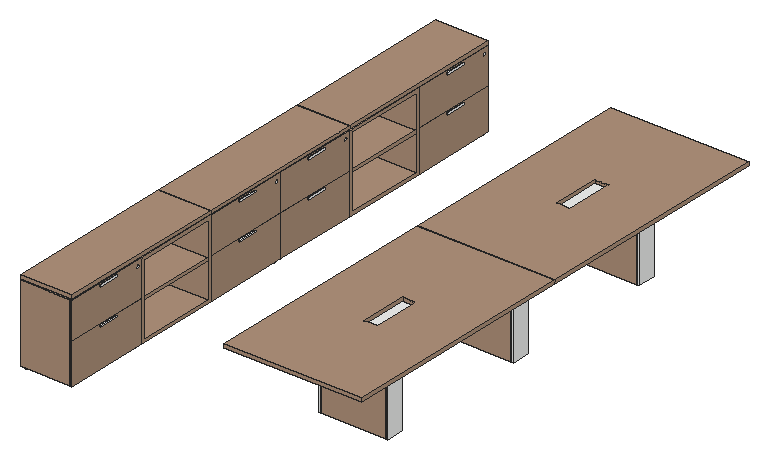
Revit family "Expansion_Casegoods-Meeting_04-Teknion-R2019", category Furniture Systems, Revit 2019 (continued)
Definition of nested family "Tables-Meeting-Teknion-BC_CHP_Height_Adjustable_Conference_Table_Panel_Bases-R2019"
  Forms (in)
    Sweep 13, solid, material <- "Support Finish"
      path origin (0, 0, 0) x (1, 0, 0) y (0, 0, 1)
        loop
          line (0, 0.60236) -> (0, 0.79134)
      profile origin (0, 0, 0.69685) x (-1, 0, 0) y (0, -1, 0)
        loop
          line (52.2611, 7.68858) -> (56.67449, 7.68858) -> (56.67449, 11.13386) -> (52.2611, 11.13386) -> (52.2611, 7.68858)
        loop
          line (56.67449, -7.68858) -> (52.2611, -7.68858) -> (52.2611, -11.13386) -> (56.67449, -11.13386) -> (56.67449, -7.68858)
        loop
          line (-52.2611, -7.68858) -> (-56.67449, -7.68858) -> (-56.67449, -11.13386) -> (-52.2611, -11.13386) -> (-52.2611, -7.68858)
        loop
          line (-56.67449, 7.68858) -> (-52.2611, 7.68858) -> (-52.2611, 11.13386) -> (-56.67449, 11.13386) -> (-56.67449, 7.68858)
    Sweep 14, solid, material <- "Support Finish", visible <- "Three Sections"
      path origin (0, 0, 0) x (1, 0, 0) y (0, 0, 1)
        loop
          line (0, 0.60236) -> (0, 0.79134)
      profile origin (0, 0, 0.69685) x (-1, 0, 0) y (0, -1, 0)
        loop
          line (2.20669, -7.68858) -> (-2.20669, -7.68858) -> (-2.20669, -11.13386) -> (2.20669, -11.13386) -> (2.20669, -7.68858)
        loop
          line (-2.20669, 7.68858) -> (2.20669, 7.68858) -> (2.20669, 11.13386) -> (-2.20669, 11.13386) -> (-2.20669, 7.68858)
    Sweep 15, solid
      path origin (0, 0, 0) x (1, 0, 0) y (0, 0, 1)
        loop
          line (0, 0) -> (0, 0.60236)
      profile origin (0, 0, 0.30118) x (-1, 0, 0) y (0, -1, 0)
        loop
          circle (54.468, 9.62166) r 0.5
        loop
          circle (54.468, -9.62166) r 0.5
        loop
          circle (-54.468, 9.62166) r 0.5
        loop
          circle (-54.468, -9.62166) r 0.5
    Sweep 16, solid, material <- "Support Finish", visible <- "Two Sections"
      path origin (0, 0, 0) x (1, 0, 0) y (0, 1, 0)
        loop
          line (-50.35559, 0) -> (50.35559, 0)
      profile origin (0, 0, 0) x (0, 1, 0) y (0, 0, 1)
        loop
          line (4.23228, 27.811) -> (-4.23228, 27.811) -> (-4.23228, 24.18898) -> (4.23228, 24.18898) -> (4.23228, 27.811)
    Sweep 17, solid, material <- "Support Finish", visible <- "Three Sections"
      path origin (0, 0, 0) x (1, 0, 0) y (0, 1, 0)
        loop
          line (0, -4.23228) -> (0, 4.23228)
      profile origin (0, 0, 0) x (-1, 0, 0) y (0, 0, 1)
        loop
          line (50.35559, 24.18898) -> (50.35559, 27.811) -> (4.1122, 27.811) -> (4.1122, 24.18898) -> (50.35559, 24.18898)
        loop
          line (-50.35559, 24.18898) -> (-4.1122, 24.18898) -> (-4.1122, 27.811) -> (-50.35559, 27.811) -> (-50.35559, 24.18898)
    Sweep 18, void
      path origin (0, 0, 0) x (1, 0, 0) y (0, 0, 1)
        loop
          line (0, 26) -> (0, 26.5)
      profile origin (0, 0, 26.25) x (-1, 0, 0) y (0, -1, 0)
        loop
          line (83.58, -20.895) -> (83.58, -18.02)
          arc (83.58, -18.02) -> (82.73793, -20.05293) -> (80.705, -20.895) r 2.875
          line (80.705, -20.895) -> (83.58, -20.895)
        loop
          line (83.58, 20.895) -> (80.705, 20.895)
          arc (80.705, 20.895) -> (82.73793, 20.05293) -> (83.58, 18.02) r 2.875
          line (83.58, 18.02) -> (83.58, 20.895)
        loop
          line (-83.58, -20.895) -> (-80.705, -20.895)
          arc (-80.705, -20.895) -> (-82.73793, -20.05293) -> (-83.58, -18.02) r 2.875
          line (-83.58, -18.02) -> (-83.58, -20.895)
        loop
          line (-83.58, 20.895) -> (-83.58, 18.02)
          arc (-83.58, 18.02) -> (-82.73793, 20.05293) -> (-80.705, 20.895) r 2.875
          line (-80.705, 20.895) -> (-83.58, 20.895)
    Sweep 19, void
      path origin (0, 0, 0) x (1, 0, 0) y (0, 0, 1)
        loop
          line (0, 26) -> (0, 26.5)
      profile origin (0, 0, 26.25) x (-1, 0, 0) y (0, -1, 0)
        loop
          line (33.24142, -2.32283) -> (50.01307, -2.32283) -> (50.01307, 2.32283) -> (33.24142, 2.32283) -> (33.24142, -2.32283)
        loop
          line (-33.24142, 2.32283) -> (-50.01307, 2.32283) -> (-50.01307, -2.32283) -> (-33.24142, -2.32283) -> (-33.24142, 2.32283)
    Sweep 20, void
      path origin (0, 0, 0) x (1, 0, 0) y (0, 0, 1)
        loop
          line (0, 26) -> (0, 26.5)
      profile origin (0, 0, 26.25) x (-1, 0, 0) y (0, -1, 0)
        loop
          line (13.4252, -2.32283) -> (13.4252, 2.32283) -> (-13.4252, 2.32283) -> (-13.4252, -2.32283) -> (13.4252, -2.32283)
    Sweep 21, void
      path origin (0, 0, 0) x (1, 0, 0) y (0, 0, 1)
        loop
          line (0, 26.5) -> (0, 26)
      profile origin (0, 0, 26.25) x (0, -1, 0) y (1, 0, 0)
        loop
          arc (-1.65354, -47.21583) -> (0, -48.86937) -> (1.65354, -47.21583) r 1.65354
          line (1.65354, -47.21583) -> (1.65354, -42.72764)
          arc (1.65354, -42.72764) -> (0, -41.0741) -> (-1.65354, -42.72764) r 1.65354
          line (-1.65354, -42.72764) -> (-1.65354, -47.21583)
        loop
          arc (-1.65354, 42.72764) -> (0, 41.0741) -> (1.65354, 42.72764) r 1.65354
          line (1.65354, 42.72764) -> (1.65354, 47.21583)
          arc (1.65354, 47.21583) -> (0, 48.86937) -> (-1.65354, 47.21583) r 1.65354
          line (-1.65354, 47.21583) -> (-1.65354, 42.72764)
    Sweep 22, solid, visible <- "Three Sections"
      path origin (0, 0, 0) x (1, 0, 0) y (0, 0, 1)
        loop
          line (0, 0) -> (0, 0.60236)
      profile origin (0, 0, 0.30118) x (-1, 0, 0) y (0, -1, 0)
        loop
          circle (0, 9.62166) r 0.5
        loop
          circle (0, -9.62166) r 0.5
  Cuts and joins
    Sweep 18, Sweep 19, Sweep 20, Sweep 21 cuts Sweep 2
    Sweep 18, Sweep 19, Sweep 20, Sweep 21 cuts Sweep 3
  Lines and regions (in)
    Masking region 1, visible <- "Straight Corner"
      outline origin (0, 0, 0) x (1, 0, 0) y (0, 1, 0)
        loop
          line (-83.58, 20.895) -> (-83.58, -20.895) -> (0, -20.895) -> (0, 20.895) -> (-83.58, 20.895)
    Masking region 2, visible <- "Straight Corner"
      outline origin (0, 0, 0) x (1, 0, 0) y (0, 1, 0)
        loop
          line (0, 20.895) -> (0, -20.895) -> (83.58, -20.895) -> (83.58, 20.895) -> (0, 20.895)
    Masking region 3, visible <- "Radius Corner"
      outline origin (0, 0, 0) x (1, 0, 0) y (0, 1, 0)
        loop
          line (0, 20.895) -> (-80.705, 20.895)
          arc (-80.705, 20.895) -> (-82.73793, 20.05293) -> (-83.58, 18.02) r 2.875
          line (-83.58, 18.02) -> (-83.58, -18.02)
          arc (-83.58, -18.02) -> (-82.73793, -20.05293) -> (-80.705, -20.895) r 2.875
          line (-80.705, -20.895) -> (0, -20.895) -> (0, 20.895)
    Masking region 4, visible <- "Radius Corner"
      outline origin (0, 0, 0) x (1, 0, 0) y (0, 1, 0)
        loop
          line (0, -20.895) -> (80.705, -20.895)
          arc (80.705, -20.895) -> (82.73793, -20.05293) -> (83.58, -18.02) r 2.875
          line (83.58, -18.02) -> (83.58, 18.02)
          arc (83.58, 18.02) -> (82.73793, 20.05293) -> (80.705, 20.895) r 2.875
          line (80.705, 20.895) -> (0, 20.895) -> (0, -20.895)
    reference lines
      curve 1: line (405.64152, -39.94355, 0) -> (405.64152, -47.44355, 0)
      curve 2: line (410.06039, -83.48743, 0) -> (410.06039, -91.98743, 0)
      curve 3: line (414.03039, -127.73298, 0) -> (414.03039, -137.48298, 0)
      curve 4: line (415.68435, -171.34645, 0) -> (415.68435, -180.34645, 0)
      curve 5: line (425.55059, -215.59199, 0) -> (425.55059, -224.59199, 0)
      curve 6: line (426.76468, -260.6404, 0) -> (426.76468, -267.1404, 0)
      curve 195: line (83.58, 20.895, 0) -> (83.58, -20.895, 0)
      curve 196: line (-83.58, 20.895, 0) -> (-83.58, -20.895, 0)
    symbolic lines, detail levels medium+fine
      curve 7: line (-71.58, 17.4095, 0) -> (-71.58, 12.92126, 0)
      curve 8: line (-71.58, 12.92126, 0) -> (71.58, 12.92126, 0)
      curve 9: line (71.58, 12.92126, 0) -> (71.58, 17.4095, 0)
      curve 10: line (71.58, 17.4095, 0) -> (-71.58, 17.4095, 0)
      curve 11: line (-71.58, -17.4095, 0) -> (71.58, -17.4095, 0)
      curve 12: line (71.58, -17.4095, 0) -> (71.58, -12.92126, 0)
      curve 13: line (71.58, -12.92126, 0) -> (-71.58, -12.92126, 0)
      curve 14: line (-71.58, -12.92126, 0) -> (-71.58, -17.4095, 0)
      curve 15: line (-50.72764, -13.3937, 0) -> (-50.72764, 13.3937, 0)
      curve 16: line (-50.72764, 13.3937, 0) -> (-58.20795, 13.3937, 0)
      curve 17: line (-58.20795, 13.3937, 0) -> (-58.20795, -13.3937, 0)
      curve 18: line (-58.20795, -13.3937, 0) -> (-50.72764, -13.3937, 0)
      curve 19: line (50.72764, 13.3937, 0) -> (50.72764, -13.3937, 0)
      curve 20: line (50.72764, -13.3937, 0) -> (58.20795, -13.3937, 0)
      curve 21: line (58.20795, -13.3937, 0) -> (58.20795, 13.3937, 0)
      curve 22: line (58.20795, 13.3937, 0) -> (50.72764, 13.3937, 0)
      curve 35: line (-57.58, 11.13386, 0) -> (-57.58, -11.13386, 0)
      curve 36: line (-57.58, -11.13386, 0) -> (-56.87921, -11.13386, 0)
      curve 37: line (-56.87921, -11.13386, 0) -> (-56.87921, 11.13386, 0)
      curve 38: line (-56.87921, 11.13386, 0) -> (-57.58, 11.13386, 0)
      curve 39: line (-51.35559, -11.13386, 0) -> (-51.35559, 11.13386, 0)
      curve 40: line (-51.35559, 11.13386, 0) -> (-52.05638, 11.13386, 0)
      curve 41: line (-52.05638, 11.13386, 0) -> (-52.05638, -11.13386, 0)
      curve 42: line (-52.05638, -11.13386, 0) -> (-51.35559, -11.13386, 0)
      curve 43: line (51.35559, 11.13386, 0) -> (51.35559, -11.13386, 0)
      curve 44: line (51.35559, -11.13386, 0) -> (52.05638, -11.13386, 0)
      curve 45: line (52.05638, -11.13386, 0) -> (52.05638, 11.13386, 0)
      curve 46: line (52.05638, 11.13386, 0) -> (51.35559, 11.13386, 0)
      curve 47: line (57.58, -11.13386, 0) -> (57.58, 11.13386, 0)
      curve 48: line (57.58, 11.13386, 0) -> (56.87921, 11.13386, 0)
      curve 49: line (56.87921, 11.13386, 0) -> (56.87921, -11.13386, 0)
      curve 50: line (56.87921, -11.13386, 0) -> (57.58, -11.13386, 0)
      curve 51: line (-51.35559, 12, 0) -> (-57.58, 12, 0)
      curve 52: line (-57.58, 12, 0) -> (-57.58, 11.17323, 0)
      curve 53: line (-57.58, 11.17323, 0) -> (-56.87921, 11.17323, 0)
      curve 54: line (-56.87921, 11.17323, 0) -> (-56.87921, 11.13386, 0)
      curve 55: line (-56.87921, 11.13386, 0) -> (-52.05638, 11.13386, 0)
      curve 56: line (-52.05638, 11.13386, 0) -> (-52.05638, 11.17323, 0)
      curve 57: line (-52.05638, 11.17323, 0) -> (-51.35559, 11.17323, 0)
      curve 58: line (-51.35559, 11.17323, 0) -> (-51.35559, 12, 0)
      curve 59: line (-57.58, -12, 0) -> (-51.35559, -12, 0)
      curve 60: line (-51.35559, -12, 0) -> (-51.35559, -11.17323, 0)
      curve 61: line (-51.35559, -11.17323, 0) -> (-52.05638, -11.17323, 0)
      curve 62: line (-52.05638, -11.17323, 0) -> (-52.05638, -11.13386, 0)
      curve 63: line (-52.05638, -11.13386, 0) -> (-56.87921, -11.13386, 0)
      curve 64: line (-56.87921, -11.13386, 0) -> (-56.87921, -11.17323, 0)
      curve 65: line (-56.87921, -11.17323, 0) -> (-57.58, -11.17323, 0)
      curve 66: line (-57.58, -11.17323, 0) -> (-57.58, -12, 0)
      curve 67: line (57.58, 12, 0) -> (51.35559, 12, 0)
      curve 68: line (51.35559, 12, 0) -> (51.35559, 11.17323, 0)
      curve 69: line (51.35559, 11.17323, 0) -> (52.05638, 11.17323, 0)
      curve 70: line (52.05638, 11.17323, 0) -> (52.05638, 11.13386, 0)
      curve 71: line (52.05638, 11.13386, 0) -> (56.87921, 11.13386, 0)
      curve 72: line (56.87921, 11.13386, 0) -> (56.87921, 11.17323, 0)
      curve 73: line (56.87921, 11.17323, 0) -> (57.58, 11.17323, 0)
      curve 74: line (57.58, 11.17323, 0) -> (57.58, 12, 0)
      curve 75: line (51.35559, -12, 0) -> (57.58, -12, 0)
      curve 76: line (57.58, -12, 0) -> (57.58, -11.17323, 0)
      curve 77: line (57.58, -11.17323, 0) -> (56.87921, -11.17323, 0)
      curve 78: line (56.87921, -11.17323, 0) -> (56.87921, -11.13386, 0)
      curve 79: line (56.87921, -11.13386, 0) -> (52.05638, -11.13386, 0)
      curve 80: line (52.05638, -11.13386, 0) -> (52.05638, -11.17323, 0)
      curve 81: line (52.05638, -11.17323, 0) -> (51.35559, -11.17323, 0)
      curve 82: line (51.35559, -11.17323, 0) -> (51.35559, -12, 0)
      curve 83: line (-56.67449, 7.68858, 0) -> (-52.2611, 7.68858, 0)
      curve 84: line (-52.2611, 7.68858, 0) -> (-52.2611, 11.13386, 0)
      curve 85: line (-52.2611, 11.13386, 0) -> (-56.67449, 11.13386, 0)
      curve 86: line (-56.67449, 11.13386, 0) -> (-56.67449, 7.68858, 0)
      curve 87: line (-52.2611, -7.68858, 0) -> (-56.67449, -7.68858, 0)
      curve 88: line (-56.67449, -7.68858, 0) -> (-56.67449, -11.13386, 0)
      curve 89: line (-56.67449, -11.13386, 0) -> (-52.2611, -11.13386, 0)
      curve 90: line (-52.2611, -11.13386, 0) -> (-52.2611, -7.68858, 0)
      curve 91: line (52.2611, 7.68858, 0) -> (56.67449, 7.68858, 0)
      curve 92: line (56.67449, 7.68858, 0) -> (56.67449, 11.13386, 0)
      curve 93: line (56.67449, 11.13386, 0) -> (52.2611, 11.13386, 0)
      curve 94: line (52.2611, 11.13386, 0) -> (52.2611, 7.68858, 0)
      curve 95: line (56.67449, -7.68858, 0) -> (52.2611, -7.68858, 0)
      curve 96: line (52.2611, -7.68858, 0) -> (52.2611, -11.13386, 0)
      curve 97: line (52.2611, -11.13386, 0) -> (56.67449, -11.13386, 0)
      curve 98: line (56.67449, -11.13386, 0) -> (56.67449, -7.68858, 0)
    symbolic lines, visible <- "Two Sections", detail levels medium+fine
      curve 23: line (50.35559, 4.23228, 0) -> (-50.35559, 4.23228, 0)
      curve 24: line (-50.35559, 4.23228, 0) -> (-50.35559, -4.23228, 0)
      curve 25: line (-50.35559, -4.23228, 0) -> (50.35559, -4.23228, 0)
      curve 26: line (50.35559, -4.23228, 0) -> (50.35559, 4.23228, 0)
    symbolic lines, visible <- "Three Sections", detail levels medium+fine
      curve 27: line (-4.1122, -4.23228, 0) -> (-4.1122, 4.23228, 0)
      curve 28: line (-4.1122, 4.23228, 0) -> (-50.35559, 4.23228, 0)
      curve 29: line (-50.35559, 4.23228, 0) -> (-50.35559, -4.23228, 0)
      curve 30: line (-50.35559, -4.23228, 0) -> (-4.1122, -4.23228, 0)
      curve 31: line (4.1122, 4.23228, 0) -> (4.1122, -4.23228, 0)
      curve 32: line (4.1122, -4.23228, 0) -> (50.35559, -4.23228, 0)
      curve 33: line (50.35559, -4.23228, 0) -> (50.35559, 4.23228, 0)
      curve 34: line (50.35559, 4.23228, 0) -> (4.1122, 4.23228, 0)
      curve 123: line (-3.74016, 13.3937, 0) -> (-3.74016, -13.3937, 0)
      curve 124: line (-3.74016, -13.3937, 0) -> (3.74016, -13.3937, 0)
      curve 125: line (3.74016, -13.3937, 0) -> (3.74016, 13.3937, 0)
      curve 126: line (3.74016, 13.3937, 0) -> (-3.74016, 13.3937, 0)
      curve 127: line (-3.1122, 11.13386, 0) -> (-3.1122, -11.13386, 0)
      curve 128: line (-3.1122, -11.13386, 0) -> (-2.41142, -11.13386, 0)
      curve 129: line (-2.41142, -11.13386, 0) -> (-2.41142, 11.13386, 0)
      curve 130: line (-2.41142, 11.13386, 0) -> (-3.1122, 11.13386, 0)
      curve 131: line (3.1122, -11.13386, 0) -> (3.1122, 11.13386, 0)
      curve 132: line (3.1122, 11.13386, 0) -> (2.41142, 11.13386, 0)
      curve 133: line (2.41142, 11.13386, 0) -> (2.41142, -11.13386, 0)
      curve 134: line (2.41142, -11.13386, 0) -> (3.1122, -11.13386, 0)
      curve 135: line (3.1122, 12, 0) -> (-3.1122, 12, 0)
      curve 136: line (-3.1122, 12, 0) -> (-3.1122, 11.17323, 0)
      curve 137: line (-3.1122, 11.17323, 0) -> (-2.41142, 11.17323, 0)
      curve 138: line (-2.41142, 11.17323, 0) -> (-2.41142, 11.13386, 0)
      curve 139: line (-2.41142, 11.13386, 0) -> (2.41142, 11.13386, 0)
      curve 140: line (2.41142, 11.13386, 0) -> (2.41142, 11.17323, 0)
      curve 141: line (2.41142, 11.17323, 0) -> (3.1122, 11.17323, 0)
      curve 142: line (3.1122, 11.17323, 0) -> (3.1122, 12, 0)
      curve 143: line (-3.1122, -12, 0) -> (3.1122, -12, 0)
      curve 144: line (3.1122, -12, 0) -> (3.1122, -11.17323, 0)
      curve 145: line (3.1122, -11.17323, 0) -> (2.41142, -11.17323, 0)
      curve 146: line (2.41142, -11.17323, 0) -> (2.41142, -11.13386, 0)
      curve 147: line (2.41142, -11.13386, 0) -> (-2.41142, -11.13386, 0)
      curve 148: line (-2.41142, -11.13386, 0) -> (-2.41142, -11.17323, 0)
      curve 149: line (-2.41142, -11.17323, 0) -> (-3.1122, -11.17323, 0)
      curve 150: line (-3.1122, -11.17323, 0) -> (-3.1122, -12, 0)
      curve 151: line (2.20669, -7.68858, 0) -> (-2.20669, -7.68858, 0)
      curve 152: line (-2.20669, -7.68858, 0) -> (-2.20669, -11.13386, 0)
      curve 153: line (-2.20669, -11.13386, 0) -> (2.20669, -11.13386, 0)
      curve 154: line (2.20669, -11.13386, 0) -> (2.20669, -7.68858, 0)
      curve 155: line (-2.20669, 7.68858, 0) -> (2.20669, 7.68858, 0)
      curve 156: line (2.20669, 7.68858, 0) -> (2.20669, 11.13386, 0)
      curve 157: line (2.20669, 11.13386, 0) -> (-2.20669, 11.13386, 0)
      curve 158: line (-2.20669, 11.13386, 0) -> (-2.20669, 7.68858, 0)
    symbolic lines, detail levels fine
      curve 99: arc (-54.968, 9.62166, 0) -> (-54.468, 9.12166, 0) -> (-53.968, 9.62166, 0) r 0.5
      curve 100: arc (-53.968, 9.62166, 0) -> (-54.468, 10.12166, 0) -> (-54.968, 9.62166, 0) r 0.5
      curve 101: arc (-53.968, -9.62166, 0) -> (-54.468, -9.12166, 0) -> (-54.968, -9.62166, 0) r 0.5
      curve 102: arc (-54.968, -9.62166, 0) -> (-54.468, -10.12166, 0) -> (-53.968, -9.62166, 0) r 0.5
      curve 103: arc (53.968, 9.62166, 0) -> (54.468, 9.12166, 0) -> (54.968, 9.62166, 0) r 0.5
      curve 104: arc (54.968, 9.62166, 0) -> (54.468, 10.12166, 0) -> (53.968, 9.62166, 0) r 0.5
      curve 105: arc (54.968, -9.62166, 0) -> (54.468, -9.12166, 0) -> (53.968, -9.62166, 0) r 0.5
      curve 106: arc (53.968, -9.62166, 0) -> (54.468, -10.12166, 0) -> (54.968, -9.62166, 0) r 0.5
      curve 107: line (-56.60953, 10.8937, 0) -> (-56.60953, -10.8937, 0)
      curve 108: line (-56.60953, -10.8937, 0) -> (-52.32606, -10.8937, 0)
      curve 109: line (-52.32606, -10.8937, 0) -> (-52.32606, 10.8937, 0)
      curve 110: line (-52.32606, 10.8937, 0) -> (-56.60953, 10.8937, 0)
      curve 111: line (52.32606, 10.8937, 0) -> (52.32606, -10.8937, 0)
      curve 112: line (52.32606, -10.8937, 0) -> (56.60953, -10.8937, 0)
      curve 113: line (56.60953, -10.8937, 0) -> (56.60953, 10.8937, 0)
      curve 114: line (56.60953, 10.8937, 0) -> (52.32606, 10.8937, 0)
      curve 115: line (52.49929, 2.68504, 0) -> (56.4363, 2.68504, 0)
      curve 116: line (56.4363, 2.68504, 0) -> (56.4363, -2.68504, 0)
      curve 117: line (56.4363, -2.68504, 0) -> (52.49929, -2.68504, 0)
      curve 118: line (52.49929, -2.68504, 0) -> (52.49929, 2.68504, 0)
      curve 119: line (-56.4363, 2.68504, 0) -> (-52.49929, 2.68504, 0)
      curve 120: line (-52.49929, 2.68504, 0) -> (-52.49929, -2.68504, 0)
      curve 121: line (-52.49929, -2.68504, 0) -> (-56.4363, -2.68504, 0)
      curve 122: line (-56.4363, -2.68504, 0) -> (-56.4363, 2.68504, 0)
      curve 171: line (71.58, 16.93701, 0) -> (-71.58, 16.93701, 0)
      curve 172: line (-71.58, 13.3937, 0) -> (71.58, 13.3937, 0)
      curve 173: line (71.58, -13.39375, 0) -> (-71.58, -13.39375, 0)
      curve 174: line (-71.58, -16.93706, 0) -> (71.58, -16.93706, 0)
    symbolic lines, visible <- "Three Sections", detail levels fine
      curve 159: arc (-0.5, 9.62166, 0) -> (0, 9.12166, 0) -> (0.5, 9.62166, 0) r 0.5
      curve 160: arc (0.5, 9.62166, 0) -> (0, 10.12166, 0) -> (-0.5, 9.62166, 0) r 0.5
      curve 161: arc (0.5, -9.62166, 0) -> (0, -9.12166, 0) -> (-0.5, -9.62166, 0) r 0.5
      curve 162: arc (-0.5, -9.62166, 0) -> (0, -10.12166, 0) -> (0.5, -9.62166, 0) r 0.5
      curve 163: line (-2.14173, 10.8937, 0) -> (-2.14173, -10.8937, 0)
      curve 164: line (-2.14173, -10.8937, 0) -> (2.14173, -10.8937, 0)
      curve 165: line (2.14173, -10.8937, 0) -> (2.14173, 10.8937, 0)
      curve 166: line (2.14173, 10.8937, 0) -> (-2.14173, 10.8937, 0)
      curve 167: line (-1.9685, 2.68504, 0) -> (1.9685, 2.68504, 0)
      curve 168: line (1.9685, 2.68504, 0) -> (1.9685, -2.68504, 0)
      curve 169: line (1.9685, -2.68504, 0) -> (-1.9685, -2.68504, 0)
      curve 170: line (-1.9685, -2.68504, 0) -> (-1.9685, 2.68504, 0)
    symbolic lines, visible <- "Linear Power Module Extended  28""
      curve 175: line (-13.4252, -2.32283, 0) -> (13.4252, -2.32283, 0)
      curve 176: line (13.4252, -2.32283, 0) -> (13.4252, 2.32283, 0)
      curve 177: line (13.4252, 2.32283, 0) -> (-13.4252, 2.32283, 0)
      curve 178: line (-13.4252, 2.32283, 0) -> (-13.4252, -2.32283, 0)
    symbolic lines, visible <- "Linear Power Module Standard 18""
      curve 179: line (-33.24142, 2.32283, 0) -> (-50.01307, 2.32283, 0)
      curve 180: line (-50.01307, 2.32283, 0) -> (-50.01307, -2.32283, 0)
      curve 181: line (-50.01307, -2.32283, 0) -> (-33.24142, -2.32283, 0)
      curve 182: line (-33.24142, -2.32283, 0) -> (-33.24142, 2.32283, 0)
      curve 183: line (33.24142, -2.32283, 0) -> (50.01307, -2.32283, 0)
      curve 184: line (50.01307, -2.32283, 0) -> (50.01307, 2.32283, 0)
      curve 185: line (50.01307, 2.32283, 0) -> (33.24142, 2.32283, 0)
      curve 186: line (33.24142, 2.32283, 0) -> (33.24142, -2.32283, 0)
    symbolic lines, visible <- "Power Pill Quad"
      curve 187: line (-42.72764, 1.65354, 0) -> (-47.21583, 1.65354, 0)
      curve 188: arc (-47.21583, 1.65354, 0) -> (-48.86937, 0, 0) -> (-47.21583, -1.65354, 0) r 1.65354
      curve 189: line (-47.21583, -1.65354, 0) -> (-42.72764, -1.65354, 0)
      curve 190: arc (-42.72764, -1.65354, 0) -> (-41.0741, 0, 0) -> (-42.72764, 1.65354, 0) r 1.65354
      curve 191: line (47.21583, 1.65354, 0) -> (42.72764, 1.65354, 0)
      curve 192: arc (42.72764, 1.65354, 0) -> (41.0741, 0, 0) -> (42.72764, -1.65354, 0) r 1.65354
      curve 193: line (42.72764, -1.65354, 0) -> (47.21583, -1.65354, 0)
      curve 194: arc (47.21583, -1.65354, 0) -> (48.86937, 0, 0) -> (47.21583, 1.65354, 0) r 1.65354
  Dimensions and locks (in)
    "Actual Width": plane 4 "Left" to plane 5 "Right"
    "Depth": plane 6 "Back" to plane 7 "Front"
    "Worksurface Thickness": plane 8 "Top" to plane 13
    equal spacing: plane 7 "Front", plane 1 "Center Front/Back", plane 6 "Back"
    equal spacing: plane 4 "Left", plane 3 "Center Left/Right", plane 5 "Right"
    "Frame Depth": plane 9 to plane 10
    equal spacing: plane 9, plane 1 "Center Front/Back", plane 10
    locked: plane 4 "Left" to Sweep 1 sketch curve at 12
    locked: Sweep 1 sketch curve to plane 5 "Right" at 12
    plane 9 to Sweep 1 sketch curve to Sweep 1 sketch curve to Sweep 1 sketch curve to Sweep 1 sketch curve = 0.000" locked, 0.47249" locked, 3.54331" locked, 0.47244" locked
    Sweep 1 sketch curve to Sweep 1 sketch curve to Sweep 1 sketch curve to Sweep 1 sketch curve = 1.08661" locked, 0.000" locked, 0.11811" locked  (x2)
    Sweep 1 sketch curve to Sweep 1 sketch curve to Sweep 1 sketch curve to Sweep 1 sketch curve to plane 10 = 0.47249" locked, 3.54331" locked, 0.47244" locked, 0.000" locked
    "Leg Offset": plane 4 "Left" to plane 11
    "Leg Offset": plane 12 to plane 5 "Right"
    Sweep 4 sketch curve to plane 11 to Sweep 4 sketch curve = 3.73995" locked, 3.74036" locked
    Sweep 4 sketch curve to Sweep 4 sketch curve to Sweep 4 sketch curve to Sweep 4 sketch curve = 0.18895" locked, 0.79528" locked, 0.000" locked
    Sweep 4 sketch curve to Sweep 4 sketch curve to plane 10 = 0.18898" locked, 4.0158" locked
    plane 9 to Sweep 4 sketch curve to Sweep 4 sketch curve = 4.0158" locked, 0.18898" locked
    Sweep 5 sketch curve to plane 3 "Center Left/Right" to Sweep 5 sketch curve = 3.74016" locked, 3.74016" locked
    Sweep 5 sketch curve to Sweep 5 sketch curve to Sweep 5 sketch curve to Sweep 5 sketch curve = 0.18895" locked, 0.79528" locked, 0.000" locked
    plane 9 to Sweep 5 sketch curve to Sweep 5 sketch curve = 4.0158" locked, 0.18898" locked
    Sweep 5 sketch curve to Sweep 5 sketch curve to plane 10 = 0.18898" locked, 4.0158" locked
    "Worksurface Thickness": plane 8 "Top" to Sweep 5 sketch curve
    Sweep 6 sketch curve to plane 12 to Sweep 6 sketch curve = 3.74036" locked, 3.73995" locked
    "Worksurface Thickness": plane 8 "Top" to Sweep 6 sketch curve
    Sweep 6 sketch curve to Sweep 6 sketch curve to Sweep 6 sketch curve to Sweep 6 sketch curve = 0.18895" locked, 0.79528" locked, 0.000" locked
    plane 9 to Sweep 6 sketch curve to Sweep 6 sketch curve = 4.0158" locked, 0.18898" locked
    Sweep 6 sketch curve to Sweep 6 sketch curve to plane 10 = 0.18898" locked, 4.0158" locked
    Sweep 7 sketch curve to Sweep 7 sketch curve to level = 25.45079" locked, 0.60236" locked
    Sweep 7 sketch curve to Sweep 7 sketch curve to Sweep 7 sketch curve to Sweep 7 sketch curve to plane 12 to Sweep 7 sketch curve to Sweep 7 sketch curve to Sweep 7 sketch curve to Sweep 7 sketch curve = 0.000" locked, 0.70079" locked, 0.000" locked, 2.41162" locked, 2.41121" locked, 0.000" locked, 0.70079" locked, 0.000" locked
    Sweep 7 sketch curve to Sweep 7 sketch curve to Sweep 7 sketch curve to Sweep 7 sketch curve to Sweep 7 sketch curve to Sweep 7 sketch curve to Sweep 7 sketch curve to Sweep 7 sketch curve to plane 10 = 0.000" locked, 0.03937" locked, 0.000" locked, 0.000" locked, 0.000" locked, 0.82677" locked, 0.000" locked, 5.4095" locked
    plane 9 to Sweep 7 sketch curve to Sweep 7 sketch curve to Sweep 7 sketch curve to Sweep 7 sketch curve to Sweep 7 sketch curve to Sweep 7 sketch curve to Sweep 7 sketch curve to Sweep 7 sketch curve = 5.4095" locked, 0.000" locked, 0.82677" locked, 0.000" locked, 0.000" locked, 0.000" locked, 0.03937" locked, 0.000" locked
    Sweep 7 sketch curve to Sweep 7 sketch curve to Sweep 7 sketch curve to Sweep 7 sketch curve to plane 11 to Sweep 7 sketch curve to Sweep 7 sketch curve to Sweep 7 sketch curve to Sweep 7 sketch curve = 0.000" locked, 0.70079" locked, 0.000" locked, 2.41121" locked, 2.41162" locked, 0.000" locked, 0.70079" locked, 0.000" locked
    locked: plane 9 to Sweep 8 sketch curve at 6.27564
    locked: Sweep 8 sketch curve to plane 10 at 6.27564
    Sweep 8 sketch curve to Sweep 8 sketch curve to Sweep 8 sketch curve to Sweep 8 sketch curve to Sweep 8 sketch curve to Sweep 8 sketch curve to Sweep 8 sketch curve to Sweep 8 sketch curve to level = 0.000" locked, 0.000" locked, 0.000" locked, 25.45079" locked, 0.000" locked, 0.000" locked, 0.000" locked, 0.60236" locked
    Sweep 8 sketch curve to Sweep 8 sketch curve to plane 12 to Sweep 8 sketch curve to Sweep 8 sketch curve = 0.70079" locked, 2.41121" locked, 2.41162" locked, 0.70079" locked
    Sweep 8 sketch curve to Sweep 8 sketch curve to plane 11 to Sweep 8 sketch curve to Sweep 8 sketch curve = 0.70079" locked, 2.41162" locked, 2.41121" locked, 0.70079" locked
    locked: Sweep 9 sketch curve to Sweep 9 sketch curve at 17.35431
    plane 9 to Sweep 9 sketch curve to Sweep 9 sketch curve to Sweep 9 sketch curve to Sweep 9 sketch curve = 6.5158" locked, 0.000" locked, 8.20866" locked, 0.000" locked
    Sweep 9 sketch curve to Sweep 9 sketch curve to Sweep 9 sketch curve to Sweep 9 sketch curve to plane 10 = 0.000" locked, 8.20866" locked, 0.000" locked, 6.5158" locked
    Sweep 9 sketch curve to Sweep 9 sketch curve to plane 11 to Sweep 9 sketch curve to Sweep 9 sketch curve = 0.17323" locked, 1.9683" locked, 1.96871" locked, 0.17323" locked
    Sweep 9 sketch curve to Sweep 9 sketch curve to plane 12 to Sweep 9 sketch curve to Sweep 9 sketch curve = 0.17323" locked, 1.96871" locked, 1.9683" locked, 0.17323" locked
    locked: plane 9 to Sweep 10 sketch curve at 6.27564
    locked: Sweep 10 sketch curve to plane 10 at 6.27564
    Sweep 10 sketch curve to Sweep 10 sketch curve to Sweep 10 sketch curve to Sweep 10 sketch curve to level = 0.000" locked, 25.45079" locked, 0.000" locked, 0.60236" locked
    Sweep 10 sketch curve to Sweep 10 sketch curve to plane 3 "Center Left/Right" to Sweep 10 sketch curve to Sweep 10 sketch curve = 0.70079" locked, 2.41142" locked, 2.41142" locked, 0.70079" locked
    Sweep 11 sketch curve to Sweep 11 sketch curve to level = 25.45079" locked, 0.60236" locked
    Sweep 11 sketch curve to Sweep 11 sketch curve to Sweep 11 sketch curve to Sweep 11 sketch curve to plane 10 = 0.03937" locked, 0.000" locked, 0.82677" locked, 5.4095" locked
    Sweep 11 sketch curve to Sweep 11 sketch curve to Sweep 11 sketch curve to Sweep 11 sketch curve to plane 3 "Center Left/Right" to Sweep 11 sketch curve to Sweep 11 sketch curve to Sweep 11 sketch curve to Sweep 11 sketch curve = 0.000" locked, 0.70079" locked, 0.000" locked, 2.41142" locked, 2.41142" locked, 0.000" locked, 0.70079" locked, 0.000" locked
    plane 9 to Sweep 11 sketch curve to Sweep 11 sketch curve to Sweep 11 sketch curve to Sweep 11 sketch curve = 5.4095" locked, 0.82677" locked, 0.000" locked, 0.03937" locked
    locked: Sweep 12 sketch curve to Sweep 12 sketch curve at 17.35431
    plane 9 to Sweep 12 sketch curve to Sweep 12 sketch curve = 6.5158" locked, 8.20866" locked
    Sweep 12 sketch curve to Sweep 12 sketch curve to plane 10 = 8.20866" locked, 6.5158" locked
    Sweep 12 sketch curve to Sweep 12 sketch curve to plane 3 "Center Left/Right" to Sweep 12 sketch curve to Sweep 12 sketch curve = 0.17323" locked, 1.9685" locked, 1.9685" locked, 0.17323" locked
    Sweep 13 sketch curve to Sweep 13 sketch curve to level = 0.18898" locked, 0.60236" locked
    Sweep 13 sketch curve to Sweep 13 sketch curve to plane 12 to Sweep 13 sketch curve to Sweep 13 sketch curve = 0.000" locked, 2.2069" locked, 2.20649" locked, 0.000" locked
    Sweep 13 sketch curve to Sweep 13 sketch curve to plane 11 to Sweep 13 sketch curve to Sweep 13 sketch curve = 0.000" locked, 2.20649" locked, 2.2069" locked, 0.000" locked
    plane 9 to Sweep 13 sketch curve to Sweep 13 sketch curve to Sweep 13 sketch curve to Sweep 13 sketch curve = 6.27564" locked, 0.000" locked, 3.44528" locked, 0.000" locked
    Sweep 13 sketch curve to Sweep 13 sketch curve to Sweep 13 sketch curve to Sweep 13 sketch curve to plane 10 = 0.000" locked, 3.44528" locked, 0.000" locked, 6.27564" locked
    Sweep 14 sketch curve to Sweep 14 sketch curve to level = 0.18898" locked, 0.60236" locked
    plane 9 to Sweep 14 sketch curve to Sweep 14 sketch curve = 6.27564" locked, 3.44528" locked
    Sweep 14 sketch curve to Sweep 14 sketch curve to plane 10 = 3.44528" locked, 6.27564" locked
    Sweep 14 sketch curve to Sweep 14 sketch curve to plane 3 "Center Left/Right" to Sweep 14 sketch curve to Sweep 14 sketch curve = 0.000" locked, 2.20669" locked, 2.20669" locked, 0.000" locked
    Sweep 15 sketch curve to level to Sweep 15 sketch curve = 0.60236" locked, 0.000" locked
    plane 9 to Sweep 15 sketch curve to Sweep 15 sketch curve = 7.78784" locked, 0.000" locked
    Sweep 15 sketch curve to Sweep 15 sketch curve to plane 10 = 0.000" locked, 7.78784" locked
    plane 11 to Sweep 15 sketch curve to Sweep 15 sketch curve = 0.000" locked, 0.000" locked
    plane 12 to Sweep 15 sketch curve to Sweep 15 sketch curve = 0.000" locked, 0.000" locked
    locked: Sweep 16 sketch curve to plane 12 at 4.11241
    locked: plane 11 to Sweep 16 sketch curve at 4.11241
    Sweep 16 sketch curve to plane 1 "Center Front/Back" to Sweep 16 sketch curve = 4.23228" locked, 4.23228" locked
    locked: Sweep 16 sketch curve to Sweep 16 sketch curve at 3.62202
    Sweep 17 sketch curve to plane 1 "Center Front/Back" to Sweep 17 sketch curve = 4.23228" locked, 4.23228" locked
    Sweep 17 sketch curve to Sweep 17 sketch curve to Sweep 17 sketch curve to Sweep 17 sketch curve = 0.000" locked, 3.62202" locked, 0.000" locked
    Sweep 17 sketch curve to plane 3 "Center Left/Right" to Sweep 17 sketch curve = 4.1122" locked, 4.1122" locked
    locked: Sweep 17 sketch curve to plane 11 at 4.11241
    locked: plane 12 to Sweep 17 sketch curve at 4.11241
    locked: plane 8 "Top" to Sweep 18 sketch curve at 3
    "Round Corner Offset": Sweep 18 sketch curve to Sweep 18 sketch curve
    plane 4 "Left" to Sweep 18 sketch curve to Sweep 18 sketch curve to Sweep 18 sketch curve to Sweep 18 sketch curve = 0.000" locked, 0.000" locked, 2.875" locked, 0.000" locked
    Sweep 18 sketch curve to Sweep 18 sketch curve to plane 5 "Right" to Sweep 18 sketch curve to Sweep 18 sketch curve = 0.000" locked, 2.875" locked, 0.000" locked, 0.000" locked
    plane 6 "Back" to Sweep 18 sketch curve to Sweep 18 sketch curve to Sweep 18 sketch curve to Sweep 18 sketch curve = 0.000" locked, 0.000" locked, 2.875" locked, 0.000" locked
    plane 7 "Front" to Sweep 18 sketch curve to Sweep 18 sketch curve to Sweep 18 sketch curve to Sweep 18 sketch curve = 0.000" locked, 0.000" locked, 2.875" locked, 0.000" locked
    locked: plane 13 to Sweep 19 sketch curve at 1.811
    "Linear 18": Sweep 19 sketch curve to Sweep 19 sketch curve
    plane 11 to Sweep 19 sketch curve to Sweep 19 sketch curve = 4.45493" locked, 16.77166" locked
    Sweep 19 sketch curve to Sweep 19 sketch curve to plane 12 = 16.77166" locked, 4.45493" locked
    Sweep 19 sketch curve to plane 1 "Center Front/Back" to Sweep 19 sketch curve = 2.32283" locked, 2.32283" locked  (x2)
    locked: plane 13 to Sweep 20 sketch curve at 1.811
    "Linear 28": Sweep 20 sketch curve to Sweep 20 sketch curve
    Sweep 20 sketch curve to plane 3 "Center Left/Right" to Sweep 20 sketch curve = 13.4252" locked, 13.4252" locked
    Sweep 20 sketch curve to plane 1 "Center Front/Back" to Sweep 20 sketch curve = 2.32283" locked, 2.32283" locked
    locked: plane 13 to Sweep 21 sketch curve at 1.811
    "Power": Sweep 21 sketch curve to Sweep 21 sketch curve
    Sweep 21 sketch curve to Sweep 21 sketch curve to plane 1 "Center Front/Back" to Sweep 21 sketch curve to Sweep 21 sketch curve = 0.000" locked, 1.65354" locked, 1.65354" locked, 0.000" locked
    Sweep 21 sketch curve to Sweep 21 sketch curve to plane 12 = 4.48819" locked, 7.25217" locked
    plane 11 to Sweep 21 sketch curve to Sweep 21 sketch curve = 7.25217" locked, 4.48819" locked
    Sweep 22 sketch curve to level to Sweep 22 sketch curve = 0.60236" locked, 0.000" locked
    locked: plane 9 to Sweep 22 sketch curve at 7.78784
    locked: Sweep 22 sketch curve to plane 10 at 7.78784
    plane 3 "Center Left/Right" to Sweep 22 sketch curve to Sweep 22 sketch curve = 0.000" locked, 0.000" locked
    locked: plane 6 "Back" to Masking region 3 sketch curve at 2.875
    locked: plane 4 "Left" to Masking region 3 sketch curve at 2.875  (x2)
    locked: plane 7 "Front" to Masking region 3 sketch curve at 2.875
    locked: Masking region 4 sketch curve to plane 5 "Right" at 2.875  (x2)
    locked: plane 7 "Front" to Masking region 4 sketch curve at 2.875
    locked: plane 6 "Back" to Masking region 4 sketch curve at 2.875
    locked: plane 15 to plane 14 at 25.45079
    locked: plane 14 to level at 0.60236
    locked: plane 13 to plane 16 at 1.20472
    "Height": plane 8 "Top" to level
    aligned and locked: level to plane 2
    aligned and locked: plane 1 "Center Front/Back" to Sweep 1 sketch curve
    aligned and locked: plane 8 "Top" to Sweep 2 sketch curve
    aligned and locked: plane 3 "Center Left/Right" to Sweep 2 sketch curve
    aligned and locked: Sweep 2 sketch curve to plane 7 "Front"
    aligned and locked: plane 4 "Left" to Sweep 2 sketch curve
    aligned and locked: Sweep 2 sketch curve to plane 6 "Back"
    aligned and locked: Sweep 2 sketch curve to plane 3 "Center Left/Right"
    aligned and locked: plane 8 "Top" to Sweep 3 sketch curve
    aligned and locked: plane 3 "Center Left/Right" to Sweep 3 sketch curve  (x2)
    aligned and locked: Sweep 3 sketch curve to plane 6 "Back"
    aligned and locked: plane 5 "Right" to Sweep 3 sketch curve
    aligned and locked: Sweep 3 sketch curve to plane 7 "Front"
    aligned and locked: plane 1 "Center Front/Back" to Sweep 4 sketch curve
    aligned and locked: plane 1 "Center Front/Back" to Sweep 5 sketch curve
    aligned and locked: plane 1 "Center Front/Back" to Sweep 6 sketch curve
    aligned and locked: plane 3 "Center Left/Right" to Sweep 7 sketch curve
    aligned and locked: plane 3 "Center Left/Right" to Sweep 8 sketch curve
    aligned and locked: plane 3 "Center Left/Right" to Sweep 9 sketch curve
    aligned and locked: plane 3 "Center Left/Right" to Sweep 10 sketch curve
    aligned and locked: plane 3 "Center Left/Right" to Sweep 11 sketch curve
    aligned and locked: Sweep 12 sketch curve to plane 3 "Center Left/Right"
    aligned and locked: plane 3 "Center Left/Right" to Sweep 13 sketch curve
    aligned and locked: plane 3 "Center Left/Right" to Sweep 14 sketch curve
    aligned and locked: plane 3 "Center Left/Right" to Sweep 15 sketch curve
    aligned and locked: plane 1 "Center Front/Back" to Sweep 16 sketch curve
    aligned and locked: plane 3 "Center Left/Right" to Sweep 17 sketch curve
    aligned and locked: plane 3 "Center Left/Right" to Sweep 18 sketch curve
    aligned and locked: plane 3 "Center Left/Right" to Sweep 19 sketch curve
    aligned and locked: plane 3 "Center Left/Right" to Sweep 20 sketch curve
    aligned and locked: Sweep 21 sketch curve to plane 3 "Center Left/Right"
    aligned and locked: plane 3 "Center Left/Right" to Sweep 22 sketch curve
    aligned and locked: Masking region 1 sketch curve to plane 6 "Back"
    aligned and locked: Masking region 1 sketch curve to plane 3 "Center Left/Right"
    aligned and locked: Masking region 1 sketch curve to plane 7 "Front"
    aligned and locked: Masking region 1 sketch curve to plane 4 "Left"
    aligned and locked: Masking region 2 sketch curve to plane 6 "Back"
    aligned and locked: Masking region 2 sketch curve to plane 3 "Center Left/Right"
    aligned and locked: plane 7 "Front" to Masking region 2 sketch curve
    aligned and locked: plane 5 "Right" to Masking region 2 sketch curve
    aligned and locked: plane 6 "Back" to Masking region 3 sketch curve
    aligned and locked: plane 3 "Center Left/Right" to Masking region 3 sketch curve
    aligned and locked: plane 7 "Front" to Masking region 3 sketch curve
    aligned and locked: Masking region 3 sketch curve to plane 4 "Left"
    aligned and locked: plane 7 "Front" to Masking region 4 sketch curve
    aligned and locked: Masking region 4 sketch curve to plane 3 "Center Left/Right"
    aligned and locked: Masking region 4 sketch curve to plane 6 "Back"
    aligned and locked: plane 5 "Right" to Masking region 4 sketch curve
    aligned and locked: curve 7 to Sweep 1
    aligned and locked: curve 8 to Sweep 1
    aligned and locked: Sweep 1 to curve 9
    aligned and locked: curve 10 to Sweep 1
    aligned and locked: curve 11 to Sweep 1
    aligned and locked: curve 12 to Sweep 1
    aligned and locked: curve 13 to Sweep 1
    aligned and locked: curve 14 to Sweep 1
    aligned and locked: curve 15 to Sweep 4
    aligned and locked: curve 16 to Sweep 4
    aligned and locked: curve 17 to Sweep 4
    aligned and locked: curve 19 to Sweep 6
    aligned and locked: curve 20 to Sweep 6
    aligned and locked: curve 21 to Sweep 6
    aligned and locked: curve 22 to Sweep 6
    aligned and locked: curve 24 to Sweep 16
    aligned and locked: curve 25 to Sweep 16
    aligned and locked: curve 27 to Sweep 17
    aligned and locked: Sweep 17 to curve 28
    aligned and locked: curve 31 to Sweep 17
    aligned and locked: curve 32 to Sweep 17
    aligned and locked: curve 33 to Sweep 17
    aligned and locked: curve 34 to Sweep 17
    aligned and locked: curve 35 to Sweep 8
    aligned and locked: curve 39 to Sweep 8
    aligned and locked: Sweep 8 to curve 40
    aligned and locked: curve 43 to Sweep 8
    aligned and locked: curve 44 to Sweep 8
    aligned and locked: curve 47 to Sweep 8
    aligned and locked: curve 48 to Sweep 8
    aligned and locked: curve 51 to Sweep 7
    aligned and locked: curve 52 to Sweep 7
    aligned and locked: curve 53 to Sweep 7
    aligned and locked: curve 54 to Sweep 7
    aligned and locked: curve 55 to Sweep 7
    aligned and locked: curve 56 to Sweep 7
    aligned and locked: curve 57 to Sweep 7
    aligned and locked: curve 58 to Sweep 7
    aligned and locked: curve 59 to Sweep 7
    aligned and locked: curve 60 to Sweep 7
    aligned and locked: curve 61 to Sweep 7
    aligned and locked: curve 62 to Sweep 7
    aligned and locked: curve 63 to Sweep 7
    aligned and locked: curve 64 to Sweep 7
    aligned and locked: curve 65 to Sweep 7
    aligned and locked: curve 66 to Sweep 7
    aligned and locked: curve 67 to Sweep 7
    aligned and locked: curve 68 to Sweep 7
    aligned and locked: curve 69 to Sweep 7
    aligned and locked: curve 70 to Sweep 7
    aligned and locked: curve 71 to Sweep 7
    aligned and locked: curve 72 to Sweep 7
    aligned and locked: curve 73 to Sweep 7
    aligned and locked: curve 74 to Sweep 7
    aligned and locked: curve 75 to Sweep 7
    aligned and locked: curve 76 to Sweep 7
    aligned and locked: curve 77 to Sweep 7
    aligned and locked: curve 78 to Sweep 7
    aligned and locked: curve 79 to Sweep 7
    aligned and locked: curve 80 to Sweep 7
    aligned and locked: curve 81 to Sweep 7
    aligned and locked: curve 82 to Sweep 7
    aligned and locked: curve 83 to Sweep 13
    aligned and locked: curve 84 to Sweep 13
    aligned and locked: curve 85 to Sweep 13
    aligned and locked: curve 86 to Sweep 13
    aligned and locked: curve 87 to Sweep 13
    aligned and locked: curve 88 to Sweep 13
    aligned and locked: curve 89 to Sweep 13
    aligned and locked: curve 90 to Sweep 13
    aligned and locked: curve 91 to Sweep 13
    aligned and locked: curve 92 to Sweep 13
    aligned and locked: curve 93 to Sweep 13
    aligned and locked: curve 94 to Sweep 13
    aligned and locked: curve 95 to Sweep 13
    aligned and locked: curve 96 to Sweep 13
    aligned and locked: curve 97 to Sweep 13
    aligned and locked: curve 98 to Sweep 13
    aligned and locked: curve 99 to Sweep 15
    aligned and locked: curve 100 to Sweep 15
    aligned and locked: curve 101 to Sweep 15
    aligned and locked: curve 102 to Sweep 15
    aligned and locked: curve 103 to Sweep 15
    aligned and locked: curve 104 to Sweep 15
    aligned and locked: curve 105 to Sweep 15
    aligned and locked: curve 106 to Sweep 15
    aligned and locked: curve 107 to Sweep 9
    aligned and locked: curve 108 to Sweep 9
    aligned and locked: curve 109 to Sweep 9
    aligned and locked: curve 110 to Sweep 9
    aligned and locked: curve 111 to Sweep 9
    aligned and locked: curve 112 to Sweep 9
    aligned and locked: curve 113 to Sweep 9
    aligned and locked: curve 114 to Sweep 9
    aligned and locked: curve 115 to Sweep 9
    aligned and locked: curve 116 to Sweep 9
    aligned and locked: curve 117 to Sweep 9
    aligned and locked: curve 118 to Sweep 9
    aligned and locked: curve 119 to Sweep 9
    aligned and locked: curve 120 to Sweep 9
    aligned and locked: curve 121 to Sweep 9
    aligned and locked: curve 122 to Sweep 9
    aligned and locked: curve 123 to Sweep 5
    aligned and locked: curve 124 to Sweep 5
    aligned and locked: curve 125 to Sweep 5
    aligned and locked: curve 126 to Sweep 5
    aligned and locked: curve 127 to Sweep 10
    aligned and locked: curve 128 to Sweep 10
    aligned and locked: curve 131 to Sweep 10
    aligned and locked: curve 132 to Sweep 10
    aligned and locked: curve 135 to Sweep 11
    aligned and locked: curve 136 to Sweep 11
    aligned and locked: curve 137 to Sweep 11
    aligned and locked: curve 138 to Sweep 11
    aligned and locked: curve 139 to Sweep 11
    aligned and locked: curve 140 to Sweep 11
    aligned and locked: curve 141 to Sweep 11
    aligned and locked: curve 142 to Sweep 11
    aligned and locked: curve 143 to Sweep 11
    aligned and locked: curve 144 to Sweep 11
    aligned and locked: curve 145 to Sweep 11
    aligned and locked: curve 146 to Sweep 11
    aligned and locked: curve 147 to Sweep 11
    aligned and locked: curve 148 to Sweep 11
    aligned and locked: curve 149 to Sweep 11
    aligned and locked: curve 150 to Sweep 11
    aligned and locked: curve 151 to Sweep 14
    aligned and locked: curve 152 to Sweep 14
    aligned and locked: curve 153 to Sweep 14
    aligned and locked: curve 154 to Sweep 14
    aligned and locked: curve 155 to Sweep 14
    aligned and locked: curve 156 to Sweep 14
    aligned and locked: curve 157 to Sweep 14
    aligned and locked: curve 158 to Sweep 14
    aligned and locked: curve 159 to Sweep 22
    aligned and locked: curve 160 to Sweep 22
    aligned and locked: curve 161 to Sweep 22
    aligned and locked: curve 162 to Sweep 22
    aligned and locked: curve 163 to Sweep 12
    aligned and locked: curve 164 to Sweep 12
    aligned and locked: curve 165 to Sweep 12
    aligned and locked: curve 166 to Sweep 12
    aligned and locked: curve 167 to Sweep 12
    aligned and locked: curve 168 to Sweep 12
    aligned and locked: curve 169 to Sweep 12
    aligned and locked: curve 170 to Sweep 12
    aligned and locked: curve 171 to Sweep 1
    aligned and locked: curve 172 to Sweep 1
    aligned and locked: curve 173 to Sweep 1
    aligned and locked: curve 174 to Sweep 1
    aligned and locked: curve 175 to Sweep 20
    aligned and locked: curve 176 to Sweep 20
    aligned and locked: curve 177 to Sweep 20
    aligned and locked: curve 178 to Sweep 20
    aligned and locked: curve 179 to Sweep 19
    aligned and locked: curve 180 to Sweep 19
    aligned and locked: curve 181 to Sweep 19
    aligned and locked: curve 182 to Sweep 19
    aligned and locked: curve 183 to Sweep 19
    aligned and locked: curve 184 to Sweep 19
    aligned and locked: curve 185 to Sweep 19
    aligned and locked: curve 186 to Sweep 19
    aligned and locked: curve 188 to Sweep 21
    aligned and locked: curve 190 to Sweep 21
    aligned and locked: curve 192 to Sweep 21
    aligned and locked: curve 194 to Sweep 21
    aligned and locked: plane 5 "Right" to curve 195
    aligned and locked: curve 196 to plane 4 "Left"
    aligned and locked: plane 13 to Sweep 2 sketch curve
    aligned and locked: plane 13 to Sweep 3 sketch curve
    aligned and locked: Sweep 4 sketch curve to plane 13
    aligned and locked: plane 13 to Sweep 1 sketch curve  (x2)
    aligned and locked: plane 13 to Sweep 9 sketch curve
    aligned and locked: plane 13 to Sweep 12 sketch curve
    aligned and locked: Sweep 17 sketch curve to plane 13
    aligned and locked: plane 13 to Sweep 16 sketch curve
  Automatic sketch dimensions
    plane 7 "Front" to curve 1 = 26.54855"
    curve 1 to plane 5 "Right" = 322.06152"
    curve 1 to curve 2 = 4.41887"
    curve 2 to curve 3 = 3.970"
    curve 3 to curve 4 = 1.65396"
    curve 4 to curve 5 = 9.86624"
    curve 5 to curve 6 = 1.21409"
    curve 2 to curve 1 = 36.04388"
    curve 2 to curve 2 = 8.500"
    curve 3 to curve 2 = 35.74555"
    curve 3 to curve 3 = 9.750"
    curve 4 to curve 3 = 33.86347"
    curve 4 to curve 4 = 9.000"
    curve 5 to curve 4 = 35.24555"
    curve 5 to curve 5 = 9.000"
    curve 6 to curve 5 = 36.04841"
    curve 6 to curve 6 = 6.500"
    curve 1 to curve 1 = 7.500"
    curve 20 to curve 75 = 1.3937"
    curve 18 to curve 59 = 1.3937"
    plane 7 "Front" to curve 195 = 0.000"
    curve 195 to plane 6 "Back" = 0.000"
    curve 196 to plane 7 "Front" = 0.000"
    curve 196 to plane 6 "Back" = 0.000"
    radius of Sweep 15 sketch curve = 0.500"  (x4)
    radius of Sweep 22 sketch curve = 0.500"  (x2)
